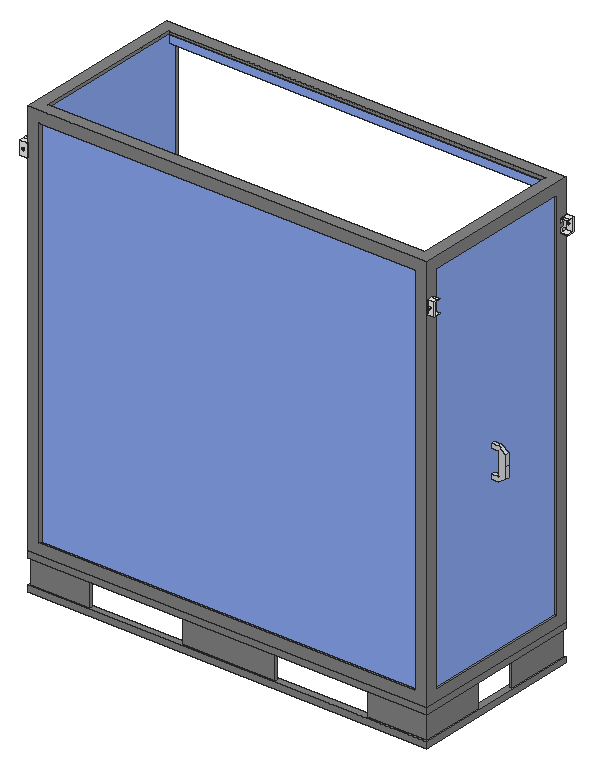
Revit family "15. Cекция забора воздуха сверху ANR Z2", category Оборудование, Revit 2016
Family settings
  Тип детали = Нормальный
  Размер круглого соединителя = Использовать диаметр
  На основе рабочей плоскости = Нет
  Всегда вертикально = Да
  При загрузке вырезать с полостями = Нет
  Общий = Нет
  Точка расчета площади = Нет
Parameters (values of type "ANR 8 Z2")
  Ширина = А - 75 mm  # 1245 mm
  Синий = Синий
  Середина = h + Б1 / 2  # 780 mm
  Д2 = Д - 75 mm  # 500 mm
  Д1 = Д - 20 mm  # 555 mm
  Д = 575 mm
  ножки(да/нет) [instance] = no
  Высота = Б - 75 mm  # 1245 mm
  Б1 = Б - 20 mm  # 1300 mm
  А1 = А - 20 mm  # 1300 mm
  А = 1320 mm
  высота ножек = 120 mm
  Б = 1320 mm
  Частотный преобразователь [instance] = no
  Частота вращения n, об/мин = ""
  Тип, марка, обозначение = "ANR 8 Z2"
  Сила тока J, А = ""
  Регулятор расхода [instance] = no
  Раздел = "ОВ"
  Примечание = ""
  Позиция = ""
  Напряжение U,В = ""
  Наименование и тех.хар-ка = "Секция забора воздуха сверху"  # constant formula
  Мощность двигателя N,Вт = ""
  Материал = Сталь серая
  Масса единицы = ""
  Код, оборудования = ""
  Ключевая пометка = "Вентиляция"
  Задание электрикам [instance] = no
  Задание автоматчикам [instance] = no
  Завод изготовитель = "KORF"  # constant formula
  Единица измерения = "шт."  # constant formula
  h = высота ножек + 10 mm  # 130 mm
Types (10, lengths in mm): name | Ширина | Середина | Д2 | Д1 | Д | Высота | Б1 | А1 | А | Б | Тип, марка, обозначение
  ANR 6 Z2 | 1025 | 670 | 500 | 555 | 575 | 1025 | 1080 | 1080 | 1100 | 1100 | "ANR 6 Z2"
  ANR 7 Z2 | 1025 | 780 | 500 | 555 | 575 | 1245 | 1300 | 1080 | 1100 | 1320 | "ANR 7 Z2"
  ANR 8 Z2 | 1245 | 780 | 500 | 555 | 575 | 1245 | 1300 | 1300 | 1320 | 1320 | "ANR 8 Z2"
  ANR 12 Z2 | 1360 | 837.5 | 1025 | 1080 | 1100 | 1360 | 1415 | 1415 | 1435 | 1435 | "ANR 12 Z2"
  ANR 20 Z2 | 1585 | 950 | 1025 | 1080 | 1100 | 1585 | 1640 | 1640 | 1660 | 1660 | "ANR 20 Z2"
  ANR 25 Z2 | 1970 | 1142.5 | 1025 | 1080 | 1100 | 1970 | 2025 | 2025 | 2045 | 2045 | "ANR 25 Z2"
  ANR 30 Z2 | 2410 | 1142.5 | 1025 | 1080 | 1100 | 1970 | 2025 | 2465 | 2485 | 2045 | "ANR 30 Z2"
  ANR 35 Z2 | 2410 | 1362.5 | 1550 | 1605 | 1625 | 2410 | 2465 | 2465 | 2485 | 2485 | "ANR 35 Z2"
  ANR 40 Z2 | 3245 | 1840 | 1550 | 1605 | 1625 | 3365 | 3420 | 3300 | 3320 | 3440 | "ANR 40 Z2"
  ANR 45 Z2 | 3245 | 2225 | 1550 | 1605 | 1625 | 4135 | 4190 | 3300 | 3320 | 4210 | "ANR 45 Z2"
Reference planes
  plane 1 "По центру (Вперед/Назад)": y = 0
  plane 2: z = 0
  plane 3 "По центру (Влево/Вправо)": x = 0
  plane 4: x = -650
  plane 5: x = 650
  plane 6: y = 277.5
  plane 7: y = -277.5
  plane 8: z = 1430
  plane 9: z = 130
  plane 10: y = -70.418
  plane 11: z = 780
  plane 12: z = 1330
  plane 13: x = 700
  plane 14: y = 70.418
Forms (mm)
  Extrusion 1, solid, material "Синий" <- "Синий", detail levels fine
    sketch origin (0, 0, 50) x (1, 0, 0) y (0, 1, 0)
      loop
        line (-650, 277.5) -> (-650, -277.5) -> (650, -277.5) -> (650, 277.5) -> (-650, 277.5)
    from 80 to 1380
  Sweep 2, solid, material "Сталь серая" <- "Материал", detail levels fine
    path origin (650, -277.5, 50) x (-1, 0, 0) y (0, 0, -1)
      loop
        line (0, -1380) -> (1300, -1380) -> (1300, -80) -> (0, -80) -> (0, -1380)
    profile "Профиль уголок 10х10 : Профиль уголок 10х10" origin (0, -277.5, 1430) x (0, 0, -1) y (0, -1, 0)
      loop
        line (0, -27.5) -> (0, 0) -> (27.5, 0) -> (27.5, 10) -> (-10, 10) -> (-10, -27.5) -> (0, -27.5)
  Sweep 3, solid, material "Сталь серая" <- "Материал", detail levels fine
    path origin (-650, 277.5, 50) x (1, 0, 0) y (0, 0, -1)
      loop
        line (0, -1380) -> (1300, -1380) -> (1300, -80) -> (0, -80) -> (0, -1380)
    profile "Профиль уголок 10х10 : Профиль уголок 10х10" origin (0, 277.5, 1430) x (0, 0, -1) y (0, 1, 0)
      loop
        line (0, -27.5) -> (0, 0) -> (27.5, 0) -> (27.5, 10) -> (-10, 10) -> (-10, -27.5) -> (0, -27.5)
  Sweep 4, solid, material "Сталь серая" <- "Материал", detail levels fine
    path origin (650, 277.5, 50) x (0, -1, 0) y (0, 0, -1)
      loop
        line (0, -1380) -> (555, -1380) -> (555, -80) -> (0, -80) -> (0, -1380)
    profile "Профиль уголок 10х10 : Профиль уголок 10х10" origin (650, 0, 1430) x (0, 0, -1) y (1, 0, 0)
      loop
        line (0, -27.5) -> (0, 0) -> (27.5, 0) -> (27.5, 10) -> (-10, 10) -> (-10, -27.5) -> (0, -27.5)
  Sweep 5, solid, material "Сталь серая" <- "Материал", detail levels fine
    path origin (-650, -277.5, 50) x (0, 1, 0) y (0, 0, -1)
      loop
        line (0, -1380) -> (555, -1380) -> (555, -80) -> (0, -80) -> (0, -1380)
    profile "Профиль уголок 10х10 : Профиль уголок 10х10" origin (-650, 0, 1430) x (0, 0, -1) y (-1, 0, 0)
      loop
        line (0, -27.5) -> (0, 0) -> (27.5, 0) -> (27.5, 10) -> (-10, 10) -> (-10, -27.5) -> (0, -27.5)
  Extrusion 6, void, not visible
    sketch origin (-345, -245, 50) x (0, -1, 0) y (0, 0, -1)
      loop
        line (-477.965, -475) -> (-477.965, -450) -> (-528.913, -450) -> (-528.913, -475) -> (-477.965, -475)
    from -47.452 to 12
  Sweep 7, solid, material "Сталь серая" <- "Материал", detail levels fine
    path origin (0, 0, 0) x (1, 0, 0) y (0, 1, 0)
      loop
        line (-650, 277.5) -> (-650, -277.5) -> (650, -277.5) -> (650, 277.5) -> (-650, 277.5)
    profile "Семейство1 : Семейство1" origin (0, 277.5, 0) x (0, 1, 0) y (0, 0, 1)
      loop
        line (-10, 120) -> (-10, 100) -> (-3.38, 100) -> (-3.38, 20) -> (-10, 20) -> (-10, 0) -> (10, 0) -> (10, 20) -> (3.38, 20) -> (3.38, 100) -> (10, 100) -> (10, 120) -> (-10, 120)
  Extrusion 8, void
    sketch origin (0, 0, 0) x (1, 0, 0) y (0, 0, 1)
      loop
        line (152.369, 100) -> (152.369, 20) -> (458.798, 20) -> (458.798, 100) -> (152.369, 100)
      loop
        line (-152.369, 100) -> (-458.798, 100) -> (-458.798, 20) -> (-152.369, 20) -> (-152.369, 100)
    from -287.5 to 287.5
  Extrusion 9, void
    sketch origin (0, 0, 0) x (0, 1, 0) y (0, 0, 1)
      loop
        line (-70.418, 100) -> (-70.418, 20) -> (70.418, 20) -> (70.418, 100) -> (-70.418, 100)
    from -660 to 1700
  Extrusion 10, void
    sketch origin (0, 0, 0) x (1, 0, 0) y (0, 1, 0)
      loop
        line (-622.5, 250) -> (-622.5, -250) -> (622.5, -250) -> (622.5, 250) -> (-622.5, 250)
    from 157.5 to 1440
  Extrusion 11, void
    sketch origin (0, 0, 0) x (1, 0, 0) y (0, 0, 1)
      loop
        line (622.5, 1402.5) -> (-622.5, 1402.5) -> (-622.5, 157.5) -> (622.5, 157.5) -> (622.5, 1402.5)
    from -287.5 to 250
Cuts and joins
  Extrusion 10 cuts Sweep 2
  Extrusion 10 cuts Sweep 3
  Extrusion 10 cuts Sweep 4
  Extrusion 10 cuts Sweep 5
  joined: Sweep 2, Sweep 3, Sweep 4, Sweep 5
  Extrusion 8, Extrusion 9 cuts Sweep 7
  Extrusion 10, Extrusion 11 cuts Extrusion 1
Lines and regions (mm)
  model lines, detail levels coarse
    curve 1: line (-660, 287.5, 0) -> (660, 287.5, 0)
    curve 2: line (-660, -287.5, 0) -> (-660, 287.5, 0)
    curve 3: line (660, -287.5, 0) -> (-660, -287.5, 0)
    curve 4: line (660, 287.5, 0) -> (660, -287.5, 0)
  model lines, detail levels medium
    curve 5: line (0, 287.5, 1440) -> (0, -287.5, 1440)
    curve 6: line (0, 287.5, 130) -> (0, 287.5, 1440)
    curve 7: line (0, -287.5, 130) -> (0, 287.5, 130)
    curve 8: line (0, -287.5, 1440) -> (0, -287.5, 130)
Dimensions and locks
  equal spacing: plane 6, plane 1 "По центру (Вперед/Назад)", plane 7
  "Д1": plane 6 to plane 7
  equal spacing: plane 4, plane 3 "По центру (Влево/Вправо)", plane 5
  "А1": plane 4 to plane 5
  "h": plane 9 to level
  "Б1": plane 8 to plane 9
  cut or joined group of Sweep 2, Sweep 3, Sweep 4, Sweep 5, Extrusion 10 to level = 120 mm
  locked: plane 3 "По центру (Влево/Вправо)" to cut or joined group of Sweep 7, Extrusion 8, Extrusion 9 at 152.369
  locked: cut or joined group of Sweep 7, Extrusion 8, Extrusion 9 to plane 3 "По центру (Влево/Вправо)" at 152.369
  "Середина": plane 11 to level
  locked: plane 8 to plane 12 at 100
  locked: plane 13 to plane 5 at 50
  plane 1 "По центру (Вперед/Назад)" to plane 7 = 277.5 mm
  plane 6 to plane 1 "По центру (Вперед/Назад)" = 277.5 mm
  equal spacing: plane 10, plane 1 "По центру (Вперед/Назад)", plane 14, locked at 70.418 each
  aligned and locked: level to plane 2
  aligned and locked: plane 6 to Extrusion 1
  aligned and locked: plane 5 to Extrusion 1
  aligned and locked: Extrusion 1 to plane 7
  aligned and locked: Extrusion 1 to plane 4
  aligned and locked: plane 8 to Extrusion 1
  aligned and locked: Extrusion 1 to plane 9
  aligned and locked: Sweep 4 sketch curve to Extrusion 1  (x2)
  aligned and locked: Sweep 5 sketch curve to Extrusion 1  (x2)
  aligned and locked: Sweep 7 sketch curve to Extrusion 1  (x4)
  aligned and locked: Sweep 7 to Extrusion 8  (x2)
  aligned and locked: cut or joined group of Sweep 2, Sweep 3, Sweep 4, Sweep 5, Extrusion 10 to Extrusion 9
  aligned and locked: nested 3 to cut or joined group of Sweep 2, Sweep 3, Sweep 4, Sweep 5, Extrusion 10  (x2)
  aligned and locked: plane 12 to nested 3
  aligned and locked: nested 4 to plane 12
  aligned and locked: cut or joined group of Sweep 2, Sweep 3, Sweep 4, Sweep 5, Extrusion 10 to nested 4  (x2)
  aligned and locked: cut or joined group of Sweep 2, Sweep 3, Sweep 4, Sweep 5, Extrusion 10 to nested 3
  aligned and locked: cut or joined group of Sweep 2, Sweep 3, Sweep 4, Sweep 5, Extrusion 10 to nested 6
  aligned and locked: nested 5 to cut or joined group of Sweep 2, Sweep 3, Sweep 4, Sweep 5, Extrusion 10
  aligned and locked: plane 12 to nested 6
  aligned and locked: nested 5 to plane 12
  aligned and locked: nested 2 to plane 13
  aligned and locked: nested 6 to cut or joined group of Sweep 2, Sweep 3, Sweep 4, Sweep 5, Extrusion 10
  aligned and locked: cut or joined group of Sweep 2, Sweep 3, Sweep 4, Sweep 5, Extrusion 10 to nested 5
  aligned and locked: plane 1 "По центру (Вперед/Назад)" to nested 2
  aligned and locked: plane 10 to Extrusion 9 sketch curve
  aligned and locked: plane 14 to Extrusion 9 sketch curve
  aligned and locked: nested 2 to plane 11
  aligned and locked: Extrusion 10 to cut or joined group of Sweep 2, Sweep 3, Sweep 4, Sweep 5, Extrusion 10  (x4)
  aligned and locked: cut or joined group of Sweep 2, Sweep 3, Sweep 4, Sweep 5, Extrusion 10 to Extrusion 10
  aligned and locked: cut or joined group of Sweep 2, Sweep 3, Sweep 4, Sweep 5, Extrusion 10 to Extrusion 11  (x3)
  aligned and locked: Extrusion 11 to cut or joined group of Sweep 2, Sweep 3, Sweep 4, Sweep 5, Extrusion 10  (x3)
  aligned and locked: Extrusion 10 to Sweep 2
  aligned and locked: curve 1 to cut or joined group of Sweep 7, Extrusion 8, Extrusion 9
  aligned and locked: curve 2 to cut or joined group of Sweep 7, Extrusion 8, Extrusion 9
  aligned and locked: curve 3 to cut or joined group of Sweep 7, Extrusion 8, Extrusion 9
  aligned and locked: curve 4 to cut or joined group of Sweep 2, Sweep 3, Sweep 4, Sweep 5, Extrusion 10
  aligned and locked: curve 5 to cut or joined group of Sweep 2, Sweep 3, Sweep 4, Sweep 5, Extrusion 10
  aligned and locked: cut or joined group of Sweep 2, Sweep 3, Sweep 4, Sweep 5, Extrusion 10 to curve 6
  aligned and locked: curve 8 to cut or joined group of Sweep 7, Extrusion 8, Extrusion 9
  aligned and locked: curve 7 to plane 9
Automatic sketch dimensions
  Extrusion 6 sketch curve to Extrusion 6 sketch curve = 50.949 mm
  Extrusion 6 sketch curve to Extrusion 6 sketch curve = 25 mm
  Extrusion 1 sketch curve to plane 4 = 0 mm
  Extrusion 1 sketch curve to plane 5 = 0 mm
  Extrusion 1 sketch curve to plane 7 = 0 mm
  Extrusion 1 sketch curve to plane 6 = 0 mm
  Sweep 2 sketch curve to Extrusion 1 = 0 mm  (x4)
  Sweep 3 sketch curve to Extrusion 1 = 0 mm  (x3)
  Extrusion 1 to Sweep 3 sketch curve = 0 mm
  Sweep 4 sketch curve to Extrusion 1 = 0 mm  (x2)
  Sweep 5 sketch curve to Extrusion 1 = 0 mm  (x2)
  Extrusion 8 sketch curve to plane 9 = 30 mm  (x2)
  plane 4 to Extrusion 8 sketch curve = 191.202 mm
  level to Extrusion 8 sketch curve = 20 mm  (x2)
  Extrusion 8 sketch curve to plane 3 "По центру (Влево/Вправо)" = 152.369 mm
  plane 3 "По центру (Влево/Вправо)" to Extrusion 8 sketch curve = 152.369 mm
  Extrusion 8 sketch curve to plane 5 = 191.202 mm
  level to Extrusion 9 sketch curve = 20 mm
  Extrusion 9 sketch curve to plane 9 = 30 mm
  plane 4 to Extrusion 10 sketch curve = 27.5 mm
  Extrusion 10 sketch curve to plane 5 = 27.5 mm
  plane 7 to Extrusion 10 sketch curve = 27.5 mm
  Extrusion 10 sketch curve to plane 6 = 27.5 mm
  plane 4 to Extrusion 11 sketch curve = 27.5 mm
  Extrusion 11 sketch curve to plane 5 = 27.5 mm
  plane 9 to Extrusion 11 sketch curve = 27.5 mm
  plane 12 to Extrusion 11 sketch curve = 72.5 mm
Nested families
  nested 1: "крепление 15мм" at (-330, 229.965, 495), type "крепление 15мм", not visible
  nested 2: "Ручка" at (662.018, -10, 731.108), type "Ручка", detail levels fine
  nested 3: "крепеж" at (684.5, -287.5, 1285.175) x (-1, 0, 0) z (0, 0, 1), type "крепеж", detail levels fine
  nested 4: "крепеж" at (684.5, 287.5, 1285.175) x (-1, 0, 0) z (0, 0, 1), type "крепеж", detail levels fine
  nested 5: "крепеж" at (-684.5, -287.5, 1285.175), type "крепеж", detail levels fine
  nested 6: "крепеж" at (-684.5, 287.5, 1285.175), type "крепеж", detail levels fine
Connectors
  hvac at (0, 287.5, 780), driven by "Высота", driven by "Ширина"
    settings: on cut or joined group of Sweep 2, Sweep 3, Sweep 4, Sweep 5, Extrusion 10, index 2, duct flow 0.0 L/s, flow factor 0, pres drop 0.0 Pa, loss coef 0, conn angle 0.00°, conn width 1245 mm, conn height 1245 mm, conn diameter 609.6 mm, duct sys type 28, conn prof type 1, flow config 0, flow direction 0, loss method 0, conn ref index 3, conn util no, is conn primary yes, conn desc ""
  hvac at (0, 0, 1440), driven by "Ширина", driven by "Д2"
    settings: on cut or joined group of Sweep 2, Sweep 3, Sweep 4, Sweep 5, Extrusion 10, index 3, duct flow 0.0 L/s, flow factor 0, pres drop 0.0 Pa, loss coef 0, conn angle 0.00°, conn width 500 mm, conn height 1245 mm, conn diameter 609.6 mm, duct sys type 28, conn prof type 1, flow config 0, flow direction 0, loss method 0, conn ref index 2, conn util no, is conn primary no, conn desc ""
Definition of nested family "крепление 15мм"
  Parameters (values of type "крепление 15мм")
    Материал крепления = none
  Reference planes
    plane 1 "По центру (Вперед/Назад)": y = 0
    plane 2: z = 0
    plane 3 "По центру (Влево/Вправо)": x = 0
  Forms (mm)
    Extrusion 1, solid, material <- "Материал крепления"
      sketch origin (0, 0, 0) x (1, 0, 0) y (0, 1, 0)
        loop
          line (-25, 0) -> (0, 0) -> (0, 18.31) -> (0, 25) -> (-3, 25) -> (-3, 3) -> (-25, 3) -> (-25, 0)
      from 0 to 30
    Extrusion 2, void
      sketch origin (0, 0, 0) x (1, 0, 0) y (0, 1, 0)
        loop
          line (-3, 3) -> (-3, 54.96) -> (-58, 54.96) -> (-58, 3) -> (-3, 3)
      from 0 to 15
  Cuts and joins
    Extrusion 2 cuts Extrusion 1
  Dimensions and locks
    Extrusion 1 sketch curve to Extrusion 1 sketch curve = 3 mm  (x2)
    Extrusion 1 sketch curve to Extrusion 1 sketch curve to plane 3 "По центру (Влево/Вправо)" = 25 mm, 0 mm
    Extrusion 1 sketch curve to Extrusion 1 sketch curve = 25 mm
    aligned and locked: level to plane 2
Definition of nested family "Ручка"
  Parameters (values of type "Ручка")
    материал ручки = none
  Reference planes
    plane 1 "По центру (Вперед/Назад)": y = 0
    plane 2: z = 0
    plane 3 "По центру (Влево/Вправо)": x = 0
    plane 4: x = -37.982
    plane 5: x = 37.982
  Forms (mm)
    Extrusion 1, solid, material <- "материал ручки", not visible
      sketch origin (-3.982, 0, -4.834) x (0, 0, 1) y (-1, 0, 0)
        loop
          line (-52.874, -42.815) -> (53.726, -42.815) -> (53.726, 8.783) -> (36.069, 34) -> (1.069, 34) -> (-36.069, 34) -> (-52.874, 10) -> (-52.874, -42.815)
      from 0 to 10
    Extrusion 2, void, not visible
      sketch origin (-3.982, 0, -4.834) x (0, 0, 1) y (-1, 0, 0)
        loop
          line (-37.219, -42.815) -> (37.781, -42.815) -> (37.781, 20.04) -> (-37.219, 20.04) -> (-37.219, -42.815)
      from 0 to 50
    Extrusion 3, solid, material <- "материал ручки"
      sketch origin (3.982, 0, -4.834) x (0, 0, 1) y (-1, 0, 0)
        loop
          line (-52.874, 42.815) -> (-52.874, -10) -> (-36.069, -34) -> (1.069, -34) -> (36.069, -34) -> (53.726, -8.783) -> (53.726, 42.815) -> (-52.874, 42.815)
      from 0 to 10
    Extrusion 4, void
      sketch origin (3.982, 0, -4.834) x (0, 0, 1) y (-1, 0, 0)
        loop
          line (-37.219, 42.815) -> (-37.219, -11.018) -> (37.781, -11.018) -> (37.781, 42.815) -> (-37.219, 42.815)
      from 0 to 50
  Cuts and joins
    Extrusion 4 cuts Extrusion 3
  Dimensions and locks
    aligned and locked: level to plane 2
Definition of nested family "крепеж"
  Parameters (values of type "крепеж")
    Материал крепежа = none
  Reference planes
    plane 1 "По центру (Вперед/Назад)": y = 0
    plane 2: z = 0
    plane 3 "По центру (Влево/Вправо)": x = 0
    plane 4: x = 24.5
    plane 5: z = 22.413
  Forms (mm)
    Extrusion 1, solid, material <- "Материал крепежа"
      sketch origin (0, 0, 0) x (0, 1, 0) y (0, 0, 1)
        loop
          line (0, 44.825) -> (-16.343, 44.825) -> (-24.468, 44.825) -> (-24.468, 42.95) -> (-1.968, 42.95) -> (-1.968, 1.657) -> (-24.468, 1.657) -> (-24.468, 0) -> (-16.343, 0) -> (0, 0) -> (0, 44.825)
      from 0 to 24.5
    Extrusion 2, void
      sketch origin (0.625, 0, -0.625) x (1, 0, 0) y (0, 0, 1)
        loop
          circle (11.121, 22.873) r 5
      from 0 to 250
    Extrusion 3, solid, material <- "Материал крепежа"
      sketch origin (0, 0, 0.175) x (1, 0, 0) y (0, 0, 1)
        loop
          line (24.5, 44.651) -> (22.651, 44.651) -> (22.651, -0.175) -> (24.5, -0.175) -> (24.5, 44.651)
      from 0 to 24.468
    Extrusion 4, void
      sketch origin (0, 0, 0) x (0, 1, 0) y (0, 0, 1)
        loop
          line (-24.468, 28.943) -> (-24.468, 15.882) -> (-9.468, 15.882) -> (-9.468, 28.943) -> (-24.468, 28.943)
      from 0 to 250
    Blend 5, solid
      base sketch origin (0, 0, 0) x (0, 1, 0) y (0, 0, 1)
        loop
          circle (-15.104, 36.823) r 4.161
      top sketch origin (0, 0, 0) x (0, 1, 0) y (0, 0, 1)
        loop
          circle (-15.104, 36.823) r 2.994
      from 22.651 to 19.241
    Blend 6, solid
      base sketch origin (0, 0, 44.825) x (0, 1, 0) y (0, 0, 1)
        loop
          circle (-15.104, -36.823) r 4.161
      top sketch origin (0, 0, 44.825) x (0, 1, 0) y (0, 0, 1)
        loop
          circle (-15.104, -36.823) r 2.994
      from 22.651 to 19.241
  Cuts and joins
    Extrusion 2, Extrusion 4 cuts Extrusion 1
    Extrusion 4 cuts Extrusion 3
    joined: Extrusion 1, Extrusion 3
  Dimensions and locks
    plane 3 "По центру (Влево/Вправо)" to plane 4 = 24.5 mm
    equal spacing: cut or joined group of Extrusion 1, Extrusion 2, Extrusion 3, Extrusion 4, plane 5, cut or joined group of Extrusion 1, Extrusion 2, Extrusion 3, Extrusion 4
    equal spacing: Extrusion 4 sketch curve, plane 5, Extrusion 4 sketch curve
    aligned and locked: level to plane 2
    aligned and locked: plane 4 to Extrusion 1
    aligned and locked: cut or joined group of Extrusion 1, Extrusion 2, Extrusion 3, Extrusion 4 to cut or joined group of Extrusion 1, Extrusion 2, Extrusion 3, Extrusion 4  (x3)
    aligned and locked: cut or joined group of Extrusion 1, Extrusion 2, Extrusion 3, Extrusion 4 to Blend 5
  Automatic sketch dimensions
    Extrusion 1 sketch curve to level = 0 mm
    Extrusion 1 sketch curve to plane 1 "По центру (Вперед/Назад)" = 0 mm
    plane 1 "По центру (Вперед/Назад)" to Extrusion 1 sketch curve = 1.968 mm
    Extrusion 1 sketch curve to Extrusion 1 sketch curve = 14.375 mm  (x2)
    level to Extrusion 1 sketch curve = 1.657 mm
    Extrusion 1 sketch curve to Extrusion 1 sketch curve = 8.125 mm  (x2)
    plane 5 to Extrusion 1 sketch curve = 20.538 mm
    Extrusion 1 sketch curve to Extrusion 1 sketch curve = 1.875 mm
    Extrusion 2 sketch curve to plane 5 = 0.165 mm
    plane 3 "По центру (Влево/Вправо)" to Extrusion 2 sketch curve = 11.746 mm
    Extrusion 3 sketch curve to level = 0 mm
    Extrusion 3 sketch curve to plane 4 = 0 mm
    Extrusion 3 sketch curve to Extrusion 3 sketch curve = 1.849 mm
    plane 5 to Extrusion 3 sketch curve = 22.413 mm
    Extrusion 4 sketch curve to plane 5 = 6.531 mm
    plane 1 "По центру (Вперед/Назад)" to Extrusion 4 sketch curve = 24.468 mm
    plane 1 "По центру (Вперед/Назад)" to Extrusion 4 sketch curve = 9.468 mm
    plane 1 "По центру (Вперед/Назад)" to Blend 5 sketch curve = 15.104 mm  (x2)
    plane 5 to Blend 5 sketch curve = 14.41 mm  (x2)
    Blend 6 sketch curve to plane 1 "По центру (Вперед/Назад)" = 15.104 mm  (x2)
    Blend 6 sketch curve to level = 8.002 mm  (x2)
    radius of Extrusion 2 sketch curve = 5 mm
    radius of Blend 5 sketch curve = 4.161 mm
    radius of Blend 5 sketch curve = 2.994 mm
    radius of Blend 6 sketch curve = 4.161 mm
    radius of Blend 6 sketch curve = 2.994 mm
